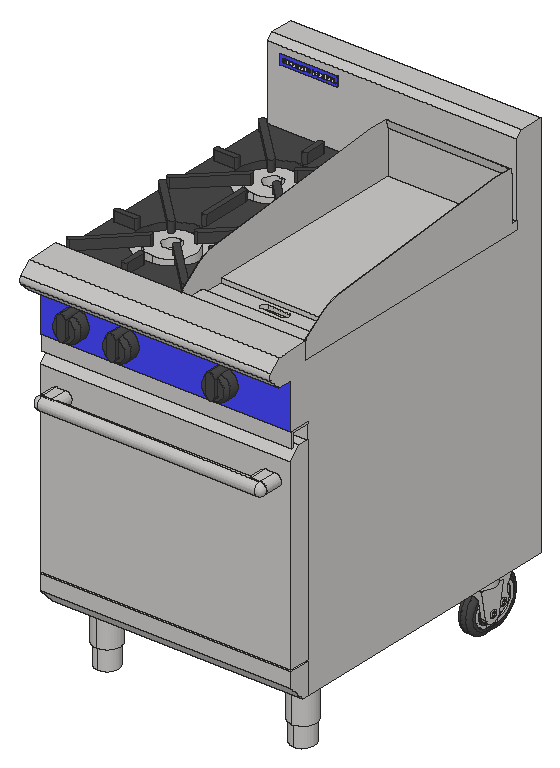
Revit family "QF_MOFFAT_BLUESEAL_CE_G504C", category Specialty Equipment, Revit 2012 (continued)
Definition of nested family "RNL8400G-CB-CASTERS"
  Forms (mm)
    Revolve 5, solid, material "QF_Finishes_Stainless Steel", visible <- "Show Casters"
      sketch origin (-49.224, 30.821, 0) x (1, 0, 0) y (0, 0, 1)
        loop
          arc (65.088, 117.579) -> (62.298, 124.314) -> (55.563, 127.104) r 9.525
          line (55.563, 127.104) -> (42.863, 127.104)
          arc (42.863, 127.104) -> (36.127, 124.314) -> (33.338, 117.579) r 9.525
          line (33.338, 117.579) -> (33.338, 111.229) -> (32.544, 111.229) -> (32.544, 104.879) -> (36.742, 104.879) -> (33.352, 83.932) -> (29.782, 81.871) -> (29.782, 71.826) -> (17.635, 71.826) -> (17.635, 68.379) -> (16.111, 68.379) -> (14.841, 67.109) -> (14.841, 63.604)
        axis (14.841, 63.604) -> (83.584, 63.604)
      angle from 0 to 360
  Cuts and joins
    joined: Extrusion 2, Extrusion 3, Extrusion 4
  Lines and regions (mm)
    symbolic lines, style "SpecialityEquipmentHiddenLines", visible <- "Show Casters"
      curve 1: line (18.009, 67.053, 0) -> (45.595, 51.127, 0)
      curve 2: line (-45.491, -42.932, 0) -> (18.009, 67.053, 0)
      curve 3: line (-17.905, -58.859, 0) -> (-45.491, -42.932, 0)
      curve 4: line (45.595, 51.127, 0) -> (-17.905, -58.859, 0)
  Dimensions and locks
    plane 4 "TOP" to level = 177.8 mm  (x2)
    Revolve 5 sketch curve to Revolve 5 sketch curve = 63.5 mm
    aligned and locked: level to plane 1
Definition of nested family "WALDORF LOGO_FACE BASE"
  Parameters (values of type "WALDORF LOGO_FACE BASE")
    Show Logo [instance] = yes
    Default Elevation = 1219.2 mm
  Reference planes
    plane 1 "Center (Front/Back)": y = 0
    plane 2: z = 0
    plane 3 "Center (Left/Right)": x = 0
  Forms (mm)
    Extrusion 1, solid
      sketch origin (0, 0, 0) x (1, 0, 0) y (0, 1, 0)
        loop
          line (-1219.2, 1219.2) -> (-1219.2, -1219.2) -> (1219.2, -1219.2) -> (1219.2, 1219.2) -> (-1219.2, 1219.2)
      from 0 to -304.8
    Extrusion 2, solid, material "QF_Finishes_Blue", visible <- "Show Logo"
      sketch origin (0, -33.217, 0) x (1, 0, 0) y (0, 1, 0)
        loop
          arc (138, 31.942) -> (137.626, 32.844) -> (136.724, 33.217) r 1.276
          line (136.724, 33.217) -> (1.29, 33.217)
          arc (1.29, 33.217) -> (0.378, 32.839) -> (0, 31.927) r 1.29
          line (0, 31.927) -> (0, 11.507)
          arc (0, 11.507) -> (0.378, 10.595) -> (1.29, 10.217) r 1.29
          line (1.29, 10.217) -> (136.71, 10.217)
          arc (136.71, 10.217) -> (137.622, 10.595) -> (138, 11.507) r 1.29
          line (138, 11.507) -> (138, 31.942)
      from 0 to 1.588
    Extrusion 3, solid, material "QF_Finishes_White", visible <- "Show Logo"
      sketch origin (0, -33.217, 1.588) x (1, 0, 0) y (0, 1, 0)
        loop
          arc (108.946, 25.919) -> (107.613, 25.367) -> (107.061, 24.034) r 1.885
          line (107.061, 24.034) -> (107.061, 17.211) -> (112.704, 17.211) -> (112.704, 19.129) -> (115.546, 19.129) -> (115.546, 17.211) -> (121.584, 17.211) -> (121.584, 24.075)
          arc (121.584, 24.075) -> (121.043, 25.379) -> (119.739, 25.919) r 1.845
          line (119.739, 25.919) -> (108.946, 25.919)
        loop
          line (123.478, 25.919) -> (123.478, 17.163) -> (134.904, 17.163) -> (134.904, 19.129) -> (129.246, 19.129) -> (129.246, 25.919) -> (123.478, 25.919)
        loop
          line (112.704, 21.258) -> (115.546, 21.258) -> (115.546, 22.702)
          arc (115.546, 22.702) -> (115.344, 23.188) -> (114.858, 23.389) r 0.687
          line (114.858, 23.389) -> (113.363, 23.389)
          arc (113.363, 23.389) -> (112.897, 23.196) -> (112.704, 22.73) r 0.658
          line (112.704, 22.73) -> (112.704, 21.258)
        loop
          line (105.071, 25.919) -> (93.771, 25.919) -> (93.771, 17.163) -> (105.071, 17.163) -> (105.071, 19.063) -> (99.535, 19.063) -> (99.535, 20.437) -> (105.071, 20.437) -> (105.071, 22.278) -> (99.535, 22.278) -> (99.535, 23.587) -> (105.071, 23.587) -> (105.071, 25.919)
        loop
          line (91.104, 25.919) -> (79.541, 25.919)
          arc (79.541, 25.919) -> (78.558, 25.513) -> (78.152, 24.53) r 1.389
          line (78.152, 24.53) -> (78.152, 22.08)
          arc (78.152, 22.08) -> (78.558, 21.098) -> (79.541, 20.691) r 1.389
          line (79.541, 20.691) -> (86.346, 20.691) -> (86.346, 18.864) -> (83.266, 18.864) -> (83.266, 19.664) -> (78.152, 19.664) -> (78.152, 18.553)
          arc (78.152, 18.553) -> (78.558, 17.57) -> (79.541, 17.163) r 1.389
          line (79.541, 17.163) -> (91.063, 17.163)
          arc (91.063, 17.163) -> (92.045, 17.57) -> (92.452, 18.553) r 1.389
          line (92.452, 18.553) -> (92.452, 20.691)
          arc (92.452, 20.691) -> (92.045, 21.673) -> (91.063, 22.08) r 1.389
          line (91.063, 22.08) -> (83.266, 22.08) -> (83.266, 23.984) -> (86.346, 23.984) -> (86.346, 22.743) -> (92.452, 22.743) -> (92.452, 24.571)
          arc (92.452, 24.571) -> (92.057, 25.524) -> (91.104, 25.919) r 1.348
        loop
          line (70.705, 25.919) -> (59.405, 25.919) -> (59.405, 17.163) -> (70.705, 17.163) -> (70.705, 19.063) -> (65.169, 19.063) -> (65.169, 20.437) -> (70.705, 20.437) -> (70.705, 22.278) -> (65.169, 22.278) -> (65.169, 23.587) -> (70.705, 23.587) -> (70.705, 25.919)
        loop
          line (57.598, 25.919) -> (51.7, 25.919) -> (51.7, 20.18)
          arc (51.7, 20.18) -> (50.63, 19.11) -> (49.56, 20.18) r 1.07
          line (49.56, 20.18) -> (49.56, 25.919) -> (43.663, 25.919) -> (43.663, 19.049)
          arc (43.663, 19.049) -> (44.215, 17.716) -> (45.548, 17.163) r 1.885
          line (45.548, 17.163) -> (55.71, 17.163)
          arc (55.71, 17.163) -> (57.045, 17.716) -> (57.598, 19.051) r 1.887
          line (57.598, 19.051) -> (57.598, 25.919)
        loop
          line (31.62, 25.919) -> (31.62, 17.163) -> (43.046, 17.163) -> (43.046, 19.129) -> (37.388, 19.129) -> (37.388, 25.919) -> (31.62, 25.919)
        loop
          line (15.969, 25.919) -> (15.969, 17.163) -> (28.693, 17.163)
          arc (28.693, 17.163) -> (29.812, 17.627) -> (30.276, 18.746) r 1.582
          line (30.276, 18.746) -> (30.276, 20.447) -> (29.48, 21.243) -> (30.276, 22.039) -> (30.276, 24.332)
          arc (30.276, 24.332) -> (29.811, 25.454) -> (28.688, 25.919) r 1.587
          line (28.688, 25.919) -> (15.969, 25.919)
        loop
          line (21.449, 24.159) -> (21.449, 22.436) -> (23.862, 22.436)
          arc (23.862, 22.436) -> (24.723, 23.298) -> (23.862, 24.159) r 0.861
          line (23.862, 24.159) -> (21.449, 24.159)
        loop
          line (21.449, 20.244) -> (21.449, 18.522) -> (23.862, 18.522)
          arc (23.862, 18.522) -> (24.723, 19.383) -> (23.862, 20.244) r 0.861
          line (23.862, 20.244) -> (21.449, 20.244)
      from 0 to 0.2
    Extrusion 4, solid, material "QF_Finishes_Blue", visible <- "Show Logo"
      sketch origin (-126.498, -31.09, 1.588) x (1, 0, 0) y (0, 1, 0)
        loop
          line (136.738, 23.522) -> (136.738, 15.1)
          arc (136.738, 15.1) -> (140.756, 19.311) -> (136.738, 23.522) r 4.216
      from 0 to 0.2
    Extrusion 5, solid, material "QF_Finishes_Red", visible <- "Show Logo"
      sketch origin (146.849, -31.09, 1.588) x (-1, 0, 0) y (0, -1, 0)
        loop
          arc (136.738, -23.522) -> (140.756, -19.311) -> (136.738, -15.1) r 4.216
          line (136.738, -15.1) -> (136.738, -23.522)
      from 0 to 0.2
  Lines and regions (mm)
    Split face 1
      outline origin (-90.35, -30.793, 1.588) x (1, 0, 0) y (0, 1, 0)
        loop
          circle (100.54, 19.013) r 4.536
  Dimensions and locks
    aligned and locked: plane 2 to Extrusion 1
    aligned and locked: level to Extrusion 1
Definition of nested family "GAS GRIDDLE PLATE 300"
  Parameters (values of type "GAS GRIDDLE PLATE 300")
    Width [instance] = 300 mm
    Weight in Pounds = 0
    URL Cutsheet = ""
    Type Mark [instance] = ""
    Status [instance] = ""
    Specification by User [instance] = ""
    Specification by Manufacturer = ""
    Serial Number = ""
    Seismic Rating = ""
    SMACNA No = ""
    Revision Code [instance] = ""
    Omniclass Number and Title = ""
    NAFEM Spec ID Number = ""
    Masterspec = ""
    Item Number [instance] = ""
    Installed By [instance] = ""
    Identify Quantity as Lot [instance] = yes
    Furnished By [instance] = ""
    Foodservice Equipment Identifier [instance] = yes
    Depth [instance] = 620 mm
    CSI MasterFormat = ""
    CSI Master Format = ""
  Reference planes
    plane 1 "BACK": y = 0
    plane 2: z = 0
    plane 3 "LEFT": x = 0
    plane 4 "RIGHT": x = 300
    plane 5 "FRONT": y = -620
    plane 6 "TOP": z = 142.5
    plane 7 "Center Y": x = 150
    plane 8 "Center X": y = -310
    plane 9: y = -530.997
    plane 10: y = -541.497
    plane 11: y = -503.25
    plane 12: y = -557.737
  Forms (mm)
    Extrusion 1, solid, material "QF_Finishes_Stainless Steel"
      sketch origin (0, 70.003, -874.5) x (0, 1, 0) y (0, 0, 1)
        loop
          line (-70, 875) -> (-70, 997.489) -> (-75.228, 1017) -> (-117.24, 1017) -> (-589.533, 971.523)
          arc (-589.533, 971.523) -> (-614.56, 965.803) -> (-637.306, 953.899) r 100
          line (-637.306, 953.899) -> (-690.003, 917) -> (-690.003, 875) -> (-70, 875)
      from 0 to 1.8
    Extrusion 2, solid, material "QF_Finishes_Stainless Steel"
      sketch origin (600, 70.003, -874.5) x (0, -1, 0) y (0, 0, 1)
        loop
          line (70, 875) -> (690.003, 875) -> (690.003, 917) -> (637.306, 953.899)
          arc (637.306, 953.899) -> (614.56, 965.803) -> (589.533, 971.523) r 100
          line (589.533, 971.523) -> (117.24, 1017) -> (75.228, 1017) -> (70, 997.489) -> (70, 875)
      from 300 to 301.2
    Extrusion 3, solid, material "QF_Finishes_Stainless Steel"
      sketch origin (150, 70.003, -874.5) x (0, 1, 0) y (0, 0, 1)
        loop
          line (-55, 895) -> (-573.253, 895) -> (-573.253, 884.5) -> (-627.74, 884.5) -> (-627.74, 895) -> (-690.003, 895) -> (-690.003, 875) -> (-55, 875) -> (-55, 895)
      from -148.2 to 150
    Extrusion 4, void
      sketch origin (150, -541.497, 10) x (0, -1, 0) y (1, 0, 0)
        loop
          arc (-7.497, 25) -> (-17.497, 35) -> (-27.497, 25) r 10
          line (-27.497, 25) -> (-27.497, -25)
          arc (-27.497, -25) -> (-17.497, -35) -> (-7.497, -25) r 10
          line (-7.497, -25) -> (-7.497, 25)
      from -41.4 to 40.142
    Extrusion 5, solid, material "QF_Finishes_Stainless Steel"
      sketch origin (0, 70.003, -874.5) x (0, 1, 0) y (0, 0, 1)
        loop
          line (-70, 875) -> (-70, 997.489) -> (-75.228, 1017) -> (-76.884, 1017) -> (-71.6, 997.278) -> (-71.6, 875) -> (-70, 875)
      from 0 to 298.8
  Cuts and joins
    Extrusion 4 cuts Extrusion 3
    joined: Extrusion 1, Extrusion 2, Extrusion 3, Extrusion 5
  Lines and regions (mm)
    symbolic lines
      curve 1: line (300, -503.25, 0) -> (0, -503.25, 0)
      curve 2: line (0, -557.737, 0) -> (300, -557.737, 0)
      curve 3: line (0, -1.68, 0) -> (300, -1.68, 0)
      curve 4: line (300, -1.68, 0) -> (300, -620, 0)
      curve 5: line (0, -620, 0) -> (0, -1.68, 0)
      curve 6: line (0, -620, 0) -> (300, -620, 0)
      curve 7: arc (175, -534, 0) -> (185, -524, 0) -> (175, -514, 0) r 10
      curve 8: line (175, -514, 0) -> (125, -514, 0)
      curve 9: arc (125, -514, 0) -> (115, -524, 0) -> (125, -534, 0) r 10
      curve 10: line (125, -534, 0) -> (175, -534, 0)
  Dimensions and locks
    equal spacing: plane 3 "LEFT", plane 7 "Center Y", plane 4 "RIGHT"
    "Width": plane 3 "LEFT" to plane 4 "RIGHT"
    equal spacing: plane 5 "FRONT", plane 8 "Center X", plane 1 "BACK"
    "Depth": plane 5 "FRONT" to plane 1 "BACK"
    locked: Extrusion 2 to Extrusion 2 at 1.2
    equal spacing: Extrusion 4 sketch curve, plane 7 "Center Y", Extrusion 4 sketch curve, locked at 35 each
    aligned and locked: level to plane 2
    aligned and locked: Extrusion 2 to plane 4 "RIGHT"
    aligned and locked: curve 1 to plane 11
    aligned and locked: plane 12 to curve 2
    aligned and locked: Extrusion 5 to cut or joined group of Extrusion 1, Extrusion 2, Extrusion 3, Extrusion 4, Extrusion 5
  Automatic sketch dimensions
    Extrusion 1 sketch curve to plane 5 "FRONT" = 0 mm
    Extrusion 1 sketch curve to plane 6 "TOP" = 0 mm
    plane 12 to Extrusion 1 sketch curve = 9.566 mm
    plane 11 to Extrusion 1 sketch curve = 16.28 mm
    Extrusion 1 sketch curve to level = 2.516 mm
    plane 11 to Extrusion 1 sketch curve = 6.695 mm
    plane 1 "BACK" to Extrusion 1 sketch curve = 47.237 mm
    plane 1 "BACK" to Extrusion 1 sketch curve = 5.225 mm
    Extrusion 1 sketch curve to plane 1 "BACK" = 0.003 mm
    level to Extrusion 1 sketch curve = 0.5 mm
    Extrusion 1 sketch curve to Extrusion 1 sketch curve = 42 mm
    Extrusion 1 sketch curve to plane 6 "TOP" = 63.101 mm
    Extrusion 1 sketch curve to plane 6 "TOP" = 19.511 mm
    Extrusion 2 sketch curve to plane 6 "TOP" = 0 mm
    Extrusion 2 sketch curve to plane 5 "FRONT" = 0 mm
    plane 12 to Extrusion 2 sketch curve = 9.566 mm
    plane 11 to Extrusion 2 sketch curve = 16.28 mm
    Extrusion 2 sketch curve to level = 2.516 mm
    plane 11 to Extrusion 2 sketch curve = 6.695 mm
    plane 1 "BACK" to Extrusion 2 sketch curve = 47.237 mm
    plane 1 "BACK" to Extrusion 2 sketch curve = 5.225 mm
    Extrusion 2 sketch curve to plane 1 "BACK" = 0.003 mm
    level to Extrusion 2 sketch curve = 0.5 mm
    Extrusion 2 sketch curve to Extrusion 2 sketch curve = 42 mm
    Extrusion 2 sketch curve to plane 6 "TOP" = 63.101 mm
    Extrusion 2 sketch curve to plane 6 "TOP" = 19.511 mm
    Extrusion 3 sketch curve to plane 5 "FRONT" = 0 mm
    Extrusion 3 sketch curve to plane 12 = 0 mm
    Extrusion 3 sketch curve to plane 11 = 0 mm
    Extrusion 3 sketch curve to plane 1 "BACK" = 15.003 mm
    level to Extrusion 3 sketch curve = 0.5 mm
    level to Extrusion 3 sketch curve = 10 mm
    Extrusion 3 sketch curve to Extrusion 3 sketch curve = 10.5 mm  (x2)
    plane 11 to Extrusion 4 sketch curve = 10.75 mm
    Extrusion 4 sketch curve to Extrusion 4 sketch curve = 10 mm
    Extrusion 4 sketch curve to plane 7 "Center Y" = 25 mm
    plane 1 "BACK" to Extrusion 5 sketch curve = 5.225 mm
    Extrusion 5 sketch curve to plane 1 "BACK" = 0.003 mm
    Extrusion 5 sketch curve to plane 6 "TOP" = 19.511 mm
    Extrusion 5 sketch curve to Extrusion 5 sketch curve = 1.6 mm
    Extrusion 5 sketch curve to Extrusion 5 sketch curve = 0.211 mm
    Extrusion 5 sketch curve to plane 6 "TOP" = 0 mm
    Extrusion 5 sketch curve to Extrusion 5 sketch curve = 1.656 mm
    level to Extrusion 5 sketch curve = 0.5 mm
    curve 6 to plane 3 "LEFT" = 0 mm
    curve 4 to plane 4 "RIGHT" = 0 mm
    plane 5 "FRONT" to curve 6 = 0 mm
    plane 11 to curve 8 = 10.75 mm
    curve 8 to plane 7 "Center Y" = 25 mm
    plane 7 "Center Y" to curve 7 = 25 mm
    curve 10 to curve 7 = 20 mm
    plane 1 "BACK" to curve 3 = 1.68 mm
